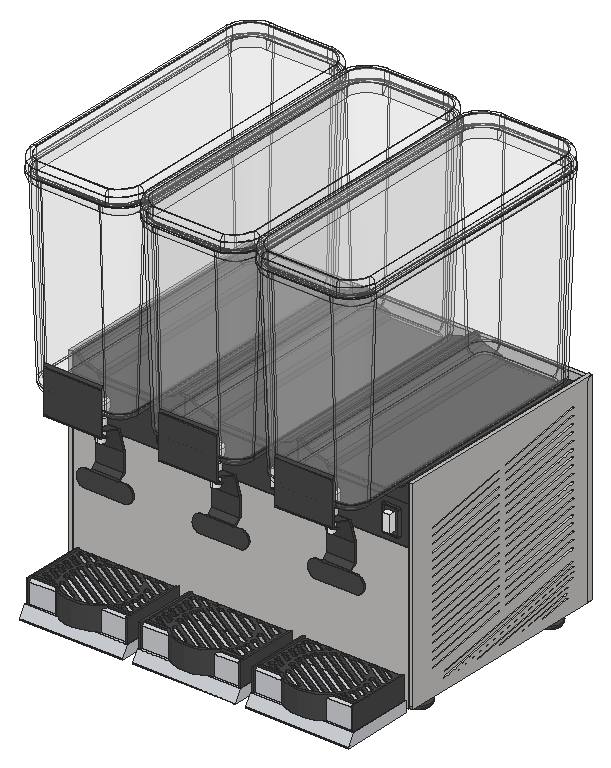
Revit family "QF_Vollrath-VBBE3-37T", category Specialty Equipment, Revit 2018 (continued)
Lines and regions (in)
  symbolic lines
    curve 35: line (12.38365, -7.76614, 0) -> (16.235, -7.76614, 0)
    curve 36: arc (10.74098, -6.12347, 0) -> (11.2221, -7.28501, 0) -> (12.38365, -7.76614, 0) r 1.64267
  reference lines
    curve 8: line (1.395, 4.75781, 0) -> (7.145, 4.75781, 0)
    curve 9: line (-2.645, -9.32132, 0) -> (-2.645, 11.67868, 0)
Dimensions and locks (in)
  locked: plane 5 "Left" to plane 14 "Clearance Right" at 21.49875
  plane 7 "Front" to plane 6 "Rear" = 18.5076"
  plane 8 "Top" to plane 2 = 26.20625"
  plane 13 "Clearance Left" to plane 5 "Left" = 6.0075"
  locked: plane 4 "Right" to plane 14 "Clearance Right" at 6.00125
  aligned and locked: plane 2 to level
  aligned and locked: plane 9 "Base Cabinet Front" to Extrusion 5
  aligned and locked: Extrusion 6 sketch curve to plane 5 "Left"
  aligned and locked: plane 6 "Rear" to Extrusion 6
  aligned and locked: plane 9 "Base Cabinet Front" to Extrusion 17
  aligned and locked: Extrusion 14 to Extrusion 12
  aligned and locked: plane 6 "Rear" to Extrusion 17
  aligned and locked: plane 15 "Clearance Rear" to Extrusion 20
  aligned and locked: plane 15 "Clearance Rear" to curve 2
  aligned and locked: plane 13 "Clearance Left" to Extrusion 20
  aligned and locked: plane 13 "Clearance Left" to curve 1
  aligned and locked: plane 6 "Rear" to Extrusion 3
  aligned and locked: Extrusion 20 to plane 6 "Rear"
  aligned and locked: Extrusion 18 to plane 4 "Right"
  aligned and locked: plane 8 "Top" to Extrusion 19
  aligned and locked: plane 8 "Top" to Extrusion 20
  aligned and locked: plane 8 "Top" to Extrusion 18
  aligned and locked: Extrusion 2 to Sweep 1
  aligned and locked: plane 6 "Rear" to Extrusion 19
  aligned and locked: Extrusion 20 to Extrusion 19
  aligned and locked: plane 6 "Rear" to Extrusion 18
  aligned and locked: Extrusion 34 to Extrusion 32
  aligned and locked: Extrusion 30 to Sweep 29
  aligned and locked: Extrusion 6 sketch curve to Extrusion 18
  aligned and locked: Extrusion 5 to Extrusion 48
  aligned and locked: Extrusion 62 to Extrusion 60
  aligned and locked: Extrusion 58 to Sweep 57
  aligned and locked: plane 4 "Right" to Extrusion 20
  aligned and locked: Extrusion 22 to plane 9 "Base Cabinet Front"
  aligned and locked: Extrusion 45 to plane 9 "Base Cabinet Front"
  aligned and locked: Extrusion 53 to plane 9 "Base Cabinet Front"
Connectors (in)
  electrical at (-2.645, 4.75781, 0.37402), driven by "Volts"
    settings: index 1, voltage 115 V, apparent load 0 VA, apparent load phase1 0 VA, apparent load phase2 0 VA, apparent load phase3 0 VA, power factor 1, load classification "Other", number of poles 1, system type 31, power factor state 1, is connector primary yes, connector utility no, sub classification motor no, connector description ""
Types (3): name | Model
  (no name) | "VBBE3-37-F"
  VBBE3-37-S | "VBBE3-37-S"
  VBBE3-37-F | "VBBE3-37-F"
